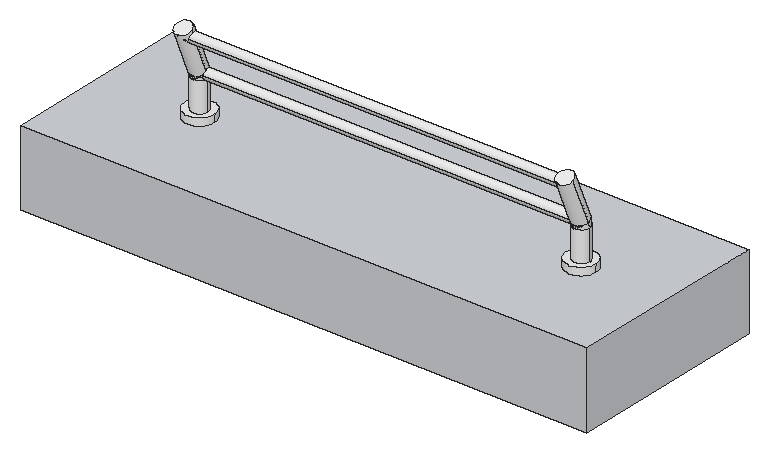
Revit family
Parameters
  URL = "http://caroma.com.au/bathrooms/bathroom-accessories/cosmo/cosmo-metal-double-towel-rail-600mm"
  Model = "Cosmo Double Towel Rail - 600mm"
  Manufacturer = "Caroma"
  Description = "Contemporary style doesn’t have to mean edges and angles with the Caroma Cosmo Accessory range. Offering a stylish design with smooth, clean lines at a surprisingly economical price, Cosmo Accessories create the perfect finishing touch for any bathroom."
  Default Elevation = 0 mm
  Caroma Rail Material = Caroma Chrome
Reference planes
  plane 1 "Center (Front/Back)": y = 0
  plane 2: z = 0
  plane 3 "Center (Left/Right)": x = 0
  plane 4: through (0, 31.16, 135.923) normal (0, -0.924, 0.3823)
  plane 5 "Angle": through (0, -8.439, 73.339) normal (0, -0.3846, -0.9231)
  plane 6 "Left": x = 292.377
  plane 7 "Right": x = -293.166
Forms (mm)
  Extrusion 1, solid
    sketch origin (0, 0, 0) x (1, 0, 0) y (0, 1, 0)
      loop
        line (-446.407, 156.949) -> (-446.407, -151.941) -> (423.203, -151.941) -> (423.203, 156.949) -> (-446.407, 156.949)
    from 0 to -115.939
  Extrusion 2, solid, material "Caroma Chrome" <- "Caroma Rail Material"
    sketch origin (143.46, 0, 0) x (-1, 0, 0) y (0, -1, 0)
      loop
        circle (-148.917, 0) r 22.944
      loop
        circle (436.626, 0) r 22.944
    from 0 to 11
  Extrusion 3, solid, material "Caroma Chrome" <- "Caroma Rail Material"
    sketch origin (143.46, 0, 0) x (-1, 0, 0) y (0, -1, 0)
      loop
        circle (-148.917, 0) r 12.5
      loop
        circle (436.626, 0) r 12.5
    from 0 to 57.792
  Extrusion 4, solid, material "Caroma Chrome" <- "Caroma Rail Material"
    sketch origin (0, -24.789, 59.494) x (0, 0.923077, 0.384615) y (1, 0, 0)
      loop
        circle (23.515, -293.166) r 12.5
      loop
        circle (23.515, 292.377) r 12.5
    from 4.178 to -72
  Sweep 5, solid, material "Caroma Chrome" <- "Caroma Rail Material"
    path origin (292.377, 0, 0) x (0, 1, 0) y (0, 0, 1)
      loop
        arc (-3.25, 68.469) -> (-0.9, 62.94) -> (0, 57) r 23.952
    profile origin (292.377, -0.9, 62.94) x (0, 0.962117, 0.272636) y (1, 0, 0)
      loop
        circle (0, 0) r 12.5
  Sweep 6, solid, material "Caroma Chrome" <- "Caroma Rail Material"
    path origin (-293.166, 0, 0) x (0, 1, 0) y (0, 0, 1)
      loop
        arc (-3.25, 68.469) -> (-0.9, 62.94) -> (0, 57) r 23.952
    profile origin (-293.166, -0.9, 62.94) x (0, 0.962117, 0.272636) y (1, 0, 0)
      loop
        circle (0, 0) r 12.5
  Extrusion 7, solid, material "Caroma Chrome" <- "Caroma Rail Material"
    sketch origin (292.377, -0.436, -0.799) x (0, 1, 0) y (0, 0, 1)
      loop
        circle (-26.223, 125.843) r 8
    from -585.542 to 0
  Extrusion 8, solid, material "Caroma Chrome" <- "Caroma Rail Material"
    sketch origin (292.377, -26.334, -62.829) x (0, 1, 0) y (0, 0, 1)
      loop
        circle (26.334, 125.83) r 8
    from -585.542 to 0
Lines and regions (mm)
  Masking region 1
    outline origin (292.377, 0, 0) x (0, 1, 0) y (0, 0, 1)
      loop
        line (-22.944, 0) -> (22.944, 0) -> (22.944, 11) -> (12.496, 11) -> (12.496, 57.308)
        arc (12.496, 57.308) -> (11.509, 65.587) -> (8.455, 73.346) r 32.63
        line (8.455, 73.346) -> (-19.237, 139.808) -> (-42.314, 130.192) -> (-13.989, 62.211)
        arc (-13.989, 62.211) -> (-12.879, 59.55) -> (-12.5, 56.692) r 10.976
        line (-12.5, 56.692) -> (-12.5, 11) -> (-22.944, 11) -> (-22.944, 0)
  Masking region 2
    outline origin (0, 0, 0) x (1, 0, 0) y (0, 0, 1)
      loop
        line (-314.695, 0) -> (316.11, 0) -> (316.11, 11) -> (305.769, 11) -> (305.769, 134.942)
        spline (305.769, 134.942) -> (305.227, 136.392) -> (303.649, 137.718) -> (301.169, 138.805) -> (298.002, 139.56) -> (294.418, 139.918) -> (290.727, 139.848) -> (287.246, 139.356) -> (284.274, 138.486) -> (282.065, 137.31) -> (280.811, 135.931) -> (280.62, 134.467) -> (281.506, 133.044)
        line (281.506, 133.044) -> (-280.881, 133.044)
        spline (-280.881, 133.044) -> (-280.024, 134.356) -> (-280.088, 135.712) -> (-281.066, 137.01) -> (-282.888, 138.157) -> (-285.419, 139.068) -> (-288.474, 139.675) -> (-291.828, 139.934) -> (-295.234, 139.827) -> (-298.442, 139.36) -> (-301.216, 138.569) -> (-303.353, 137.512) -> (-304.695, 136.265)
        line (-304.695, 136.265) -> (-304.695, 11) -> (-314.695, 11) -> (-314.695, 0)
  symbolic lines, style "Caroma Bathroom Accessories"
    curve 1: line (292.377, -12.5, 11) -> (292.377, 12.496, 11)
    curve 2: line (-304.695, 0, 11) -> (-269.433, 0, 11)
    curve 3: line (-269.433, 0, 11) -> (-269.433, 0, 0)
    curve 4: line (-279.877, 0, 11) -> (-279.877, 0, 133.044)
    curve 5: spline (-279.877, 0, 135) -> (-280.302, 0, 133.756) -> (-281.551, 0, 132.596) -> (-283.538, 0, 131.6) -> (-286.127, 0, 130.836) -> (-289.141, 0, 130.356) -> (-292.377, 0, 130.192) -> (-295.612, 0, 130.356) -> (-298.627, 0, 130.836) -> (-301.215, 0, 131.6) -> (-303.202, 0, 132.596) -> (-304.451, 0, 133.756) -> (-304.877, 0, 135)
    curve 6: line (304.695, 0, 11) -> (270.207, 0, 11)
    curve 7: line (270.207, 0, 11) -> (270.207, 0, 0)
    curve 8: line (280.65, 0, 11) -> (280.65, 0, 131.525)
    curve 9: spline (280.666, 0, 135) -> (281.092, 0, 133.756) -> (282.341, 0, 132.596) -> (284.327, 0, 131.6) -> (286.916, 0, 130.836) -> (289.931, 0, 130.356) -> (293.166, 0, 130.192) -> (296.401, 0, 130.356) -> (299.416, 0, 130.836) -> (302.005, 0, 131.6) -> (303.991, 0, 132.596) -> (305.24, 0, 133.756) -> (305.666, 0, 135)
    curve 10: line (-279.877, 0, 116) -> (280.65, 0, 116)
    curve 11: line (280.65, 0, 71.262) -> (-279.877, 0, 71.262)
    curve 12: line (-279.877, 0, 55.001) -> (280.65, 0, 55.001)
Dimensions and locks
  locked: Extrusion 8 sketch curve to plane 5 "Angle" at 6.298
  locked: Extrusion 4 to Extrusion 7 sketch curve at 10.773
  aligned and locked: plane 2 to Extrusion 1
  aligned and locked: level to Extrusion 1
  aligned and locked: plane 1 "Center (Front/Back)" to Extrusion 2
  aligned and locked: plane 1 "Center (Front/Back)" to Extrusion 3
  aligned and locked: plane 7 "Right" to Extrusion 4 sketch curve
  aligned and locked: plane 7 "Right" to Extrusion 7
  aligned and locked: Extrusion 7 to plane 6 "Left"
  aligned and locked: plane 7 "Right" to Extrusion 8
  aligned and locked: Extrusion 8 to plane 6 "Left"
  aligned and locked: Extrusion 8 sketch curve to plane 1 "Center (Front/Back)"
  aligned: Extrusion 7 sketch curve to plane 4
